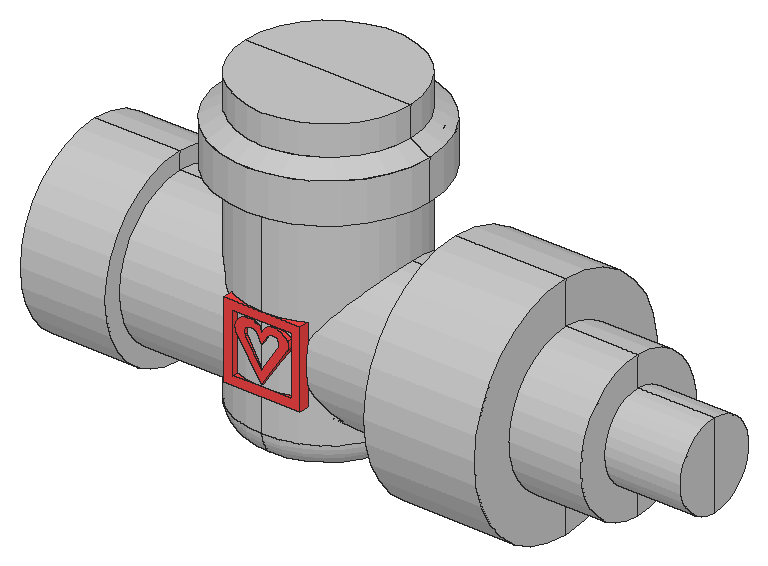
Revit family "RL-5 Rücklaufventil DG 3923", category Rohrzubehör, Revit 2021
Family settings
  Bemaßung runder Anschluss = Durchmesser verwenden
  Teiletyp = Unterbricht
  OmniClass-Nummer = 23.65.55.14
  OmniClass-Titel = Valves for Liquid Services
  Arbeitsebenenbasiert = Nein
  Immer vertikal = Nein
  Beim Laden mit Abzugskörper schneiden = Nein
  Gemeinsam genutzt = Nein
Parameters
  W02 [instance] = 70.00°  # constant formula
  W01 = 120.00°  # constant formula
  Vorgabe-Ansicht = 0.000 mm
  URL = "www.herz-armaturen.at"
  SCRNSEQ = "ARM;ARM_TYP=\"ALLF\";2"
  SCRNCODE = "05;01;02"  # constant formula
  S04 = 45.000 mm  # constant formula
  S03 = 61.000 mm  # constant formula
  S02 [instance] = L05 + L06 + L07  # 45.500 mm
  S01 = 10.000 mm  # constant formula
  R05 = 9.750 mm  # constant formula
  R04 = 12.000 mm  # constant formula
  R02 = 9.750 mm  # constant formula
  R01 = 11.000 mm  # constant formula
  Nennweite [instance] = 10.000 mm
  Medium = "Heizwasserqualität entsprechend ÖNORM H 5195 bzw. VDI-Richtllinie 2035."
  Max.Betriebstemperatur = 120 °C  # constant formula
  Max.Betriebsdruck = 1000000.0 Pa  # constant formula
  L07 [instance] = size_lookup("3923_5_", "L7", 1.000 mm, Nennweite)  # 17.500 mm
  L06 [instance] = size_lookup("3923_5_", "L6", 1.000 mm, Nennweite)  # 13.000 mm
  L05 [instance] = L02 - L04  # 15.000 mm
  L04 [instance] = size_lookup("3923_5_", "L4", 1.000 mm, Nennweite)  # 7.500 mm
  L03 [instance] = size_lookup("3923_5_", "L3", 1.000 mm, Nennweite)  # 10.000 mm
  L02 [instance] = size_lookup("3923_5_", "L2", 1.000 mm, Nennweite)  # 22.500 mm
  L01 [instance] = size_lookup("3923_5_", "L1", 1.000 mm, Nennweite)  # 27.500 mm
  Hersteller = "HERZ Armaturen Ges.m.b.H"  # constant formula
  H06 = 3.500 mm  # constant formula
  H05 = 9.500 mm  # constant formula
  H04 [instance] = H02 - H03  # 16.000 mm
  H03 = 5.000 mm  # constant formula
  H02 [instance] = 21.000 mm  # constant formula
  H01 [instance] = size_lookup("3923_5_", "H1", 1.000 mm, Nennweite)  # 14.000 mm
  Gehäuse = "vernickeltes Messing"  # constant formula
  GTI [instance] = size_lookup("3923_5_", "GT1", 1.000 mm, Nennweite)  # 9.000 mm
  GT [instance] = size_lookup("3923_5_", "GT", 1.000 mm, Nennweite)  # 9.500 mm
  G2 [instance] = Nennweite / 2  # 5.000 mm
  G1 [instance] = Nennweite / 2  # 5.000 mm
  D05 [instance] = size_lookup("3923_5_", "D5", 1.000 mm, Nennweite)  # 8.500 mm
  D04 [instance] = size_lookup("3923_5_", "D4", 1.000 mm, Nennweite)  # 13.500 mm
  D03 [instance] = size_lookup("3923_5_", "D3", 1.000 mm, Nennweite)  # 7.940 mm
  D02 [instance] = size_lookup("3923_5_", "D2", 1.000 mm, Nennweite)  # 9.000 mm
  D01 [instance] = size_lookup("3923_5_", "D1", 1.000 mm, Nennweite)  # 11.000 mm
  Bestellnummer [instance] = size_lookup("3923_5_", "Artnr", 0, Nennweite)  # 1392300
  Ausführungen = "Alle Modelle werden in vernickelter Ausführung geliefert und sind Universalmodelle mit Spezialmuffe für Gewinderohr\r\nund Klemmsetanschluß."
  Anwendungsgebiet = "Warmwasser-Heizungsanlagen\r\nDurch den Einbau des Rücklaufventils ist der Heizkörper-Rücklaufanschluß absperrbar.\r\nBei gleichzeitiger Absperrung des Vorlaufventils kann der Heizkörper bei unter Druck stehender Anlage demontiert werden.\r\nServicearbeiten oder Arbeiten an der Wand hinter dem Heizkörper (Tapezierung, Verfliesung) sind durchführbar, ohne die übrige Anlage stillsetzen zu müssen.\r\nMit dem HERZ-RL-5-Ventil kann die durch den Heizkörper strömende Wassermenge entsprechend der geforderten Leistung genau einreguliert werden.\r\nDies empfiehlt sich besonders beim Einbau von Thermostatventilen ohne Voreinstellung, weil durch die Begrenzung der Wassermenge voll wirksam wird und das hydraulische Gleichgewicht der Anlage erhalten bleibt.\r\nÜber das HERZ-RL-5-Ventil kann der Heizkörper oder die Anlage gefüllt oder entleert werden."
Reference planes
  plane 1 "Mitte (Vorne/hinten)": y = 0
  plane 2: z = 0
  plane 3 "Mitte (Links/rechts)": x = 0
Forms (mm)
  Revolve 1, solid, material "Messing, vernickelt", detail levels fine
    sketch origin (0, 0, 0) x (1, 0, 0) y (0, 0, 1)
      loop
        line (-18, 0) -> (22.5, 0) -> (22.5, 7.94) -> (15, 7.94) -> (15, 9) -> (-17.5, 9) -> (-17.5, 11) -> (-27.5, 11) -> (-27.5, 5) -> (-18, 5) -> (-18, 0)
      axis (-27.5, 0) -> (22.5, 0)
    angle from 0 to 360
  Revolve 2, solid, material "Messing, vernickelt", detail levels fine
    sketch origin (0, 0, 0) x (0, 1, 0) y (0, 0, 1)
      loop
        line (0, 21) -> (-11, 21) -> (-11, 16) -> (-9.75, 16) -> (-9.75, -8.456)
        arc (-9.75, -8.456) -> (-9.408, -9.847) -> (-8.46, -10.921) r 3
        line (-8.46, -10.921) -> (0, -14) -> (0, 21)
      axis (0, -14) -> (0, 21)
    angle from 0 to 360
  Revolve 3, solid, material "Messing, vernickelt", detail levels fine
    sketch origin (0, 0, 0) x (1, 0, 0) y (0, 0, 1)
      loop
        line (22.5, 0) -> (45.5, 0) -> (45.5, 5) -> (36.5, 5) -> (36.5, 8.5) -> (28, 8.5) -> (28, 13.5) -> (15, 13.5) -> (15, 7.94) -> (22.5, 7.94) -> (22.5, 0)
      axis (15, 0) -> (45.5, 0)
    angle from 0 to 360
  Revolve 4, solid, material "Messing, vernickelt", detail levels fine
    sketch origin (0, 0, 9) x (1, 0, 0) y (0, 0, 1)
      loop
        line (0, 7) -> (12, 7) -> (12, 11.701) -> (9.75, 13) -> (9.75, 16.5) -> (0, 16.5) -> (0, 7)
      axis (0, 16.5) -> (0, 7)
    angle from 0 to 360
Lines and regions (mm)
  model lines, detail levels coarse+medium
    curve 1: line (-27.5, 0, 11) -> (-27.5, 0, -11)
    curve 2: line (-27.5, 0, -11) -> (27.5, 0, 11)
    curve 3: line (27.5, 0, 11) -> (27.5, 0, -11)
    curve 4: line (27.5, 0, -11) -> (-27.5, 0, 11)
    curve 5: line (27.5, 0, 11) -> (37.5, 0, 11)
    curve 6: line (37.5, 0, 11) -> (27.5, 0, 0)
    curve 7: line (27.5, 0, -11) -> (37.5, 0, -11)
    curve 8: line (37.5, 0, -11) -> (27.5, 0, 0)
    curve 9: line (27.5, 0, 0) -> (45.5, 0, 0)
    curve 10: line (-27.5, 11, 0) -> (-27.5, -11, 0)
    curve 11: line (-27.5, -11, 0) -> (27.5, 11, 0)
    curve 12: line (27.5, 11, 0) -> (27.5, -11, 0)
    curve 13: line (27.5, -11, 0) -> (-27.5, 11, 0)
    curve 14: line (27.5, 11, 0) -> (37.5, 11, 0)
    curve 15: line (37.5, 11, 0) -> (27.5, 0, 0)
    curve 16: line (27.5, -11, 0) -> (37.5, -11, 0)
    curve 17: line (37.5, -11, 0) -> (27.5, 0, 0)
Dimensions and locks
  "L01": Revolve 1 sketch curve to plane 3 "Mitte (Links/rechts)"
  "L02": Revolve 1 sketch curve to plane 3 "Mitte (Links/rechts)"
  "G1": Revolve 1 sketch curve to plane 2
  "GT": Revolve 1 sketch curve to Revolve 1 sketch curve
  "D01": Revolve 1 sketch curve to Revolve 1 sketch curve
  "D02": Revolve 1 sketch curve to Revolve 1 sketch curve
  "D03": Revolve 1 sketch curve to Revolve 1 sketch curve
  "L03": Revolve 1 sketch curve to Revolve 1 sketch curve
  "L04": Revolve 1 sketch curve to Revolve 1 sketch curve
  "H02": Revolve 2 sketch curve to plane 2
  "R01": Revolve 2 sketch curve to plane 1 "Mitte (Vorne/hinten)"
  "D03": Revolve 3 sketch curve to plane 2
  "L04": Revolve 3 sketch curve to Revolve 3 sketch curve
  "L05": Revolve 3 sketch curve to plane 3 "Mitte (Links/rechts)"
  "L06": Revolve 3 sketch curve to Revolve 3 sketch curve
  "L07": Revolve 3 sketch curve to Revolve 3 sketch curve
  "D04": Revolve 3 sketch curve to Revolve 3 sketch curve
  "G2": Revolve 3 sketch curve to Revolve 3 sketch curve
  "D05": Revolve 3 sketch curve to Revolve 3 sketch curve
  "GTI": Revolve 3 sketch curve to Revolve 3 sketch curve
  "D01": curve 4 to plane 2 to curve 2
  "D01": curve 3 to plane 2 to curve 4
  "L01": curve 1 to plane 3 "Mitte (Links/rechts)" to curve 3
  "S01": curve 3 to curve 6
  "S02": curve 9 to plane 3 "Mitte (Links/rechts)"
  "L01": curve 10 to plane 3 "Mitte (Links/rechts)" to curve 12
  "D01": curve 11 to plane 1 "Mitte (Vorne/hinten)" to curve 13
  "D01": curve 13 to plane 1 "Mitte (Vorne/hinten)" to curve 12
  "S01": curve 12 to curve 15
  "S01": curve 12 to curve 17
  "H03": Revolve 2 sketch curve to Revolve 2 sketch curve
  "R02": Revolve 2 sketch curve to Revolve 2 sketch curve
  "H05": Revolve 4 sketch curve to Revolve 4 sketch curve
  "R05": Revolve 4 sketch curve to Revolve 4 sketch curve
  "R04": Revolve 4 sketch curve to Revolve 4 sketch curve
  "H06": Revolve 4 sketch curve to Revolve 4 sketch curve
  "H04": Revolve 4 sketch curve to plane 2
  "D02": nested 1 to plane 1 "Mitte (Vorne/hinten)"
  "H01": plane 2 to Revolve 2 sketch curve
  "W01": angle Revolve 4 sketch curve to Revolve 4 sketch curve
  "W02": angle Revolve 2 sketch curve to Revolve 2 sketch curve
  aligned and locked: level to plane 2
Automatic sketch dimensions
  curve 9 to level = 0.000 mm
  curve 3 to curve 8 = 10.000 mm
  plane 1 "Mitte (Vorne/hinten)" to curve 17 = 0.000 mm
  Revolve 1 sketch curve to level = 0.000 mm  (x2)
  Revolve 1 sketch curve to Revolve 1 sketch curve = 1436.530 mm
  Revolve 1 sketch curve to Revolve 1 sketch curve = 1779.148 mm
  Revolve 2 sketch curve to plane 1 "Mitte (Vorne/hinten)" = 0.000 mm  (x2)
  Revolve 2 sketch curve to Revolve 2 sketch curve = 1.290 mm
  Revolve 2 sketch curve to Revolve 2 sketch curve = 1.710 mm
  Revolve 2 sketch curve to Revolve 2 sketch curve = 98.333 mm
  Revolve 2 sketch curve to Revolve 2 sketch curve = 1236.335 mm
  Revolve 3 sketch curve to level = 0.000 mm  (x2)
  Revolve 3 sketch curve to plane 3 "Mitte (Links/rechts)" = 1506.530 mm
  Revolve 3 sketch curve to Revolve 3 sketch curve = 1789.648 mm
  Revolve 4 sketch curve to plane 3 "Mitte (Links/rechts)" = 0.000 mm  (x2)
  Revolve 4 sketch curve to level = 357.045 mm
  Revolve 4 sketch curve to Revolve 4 sketch curve = 2188.615 mm
Nested families
  nested 1: "Herz-Logo-vorne" at (0, -9, 0) x (0, 1, 0) z (0, 0, 1), type "Herz-Logo-vorne", detail levels fine
Connectors
  piping at (-18, 0, 0), diameter 10, driven by "Nennweite"
    settings: on Revolve 1, index 1, connector inside diameter 609.6 mm, connector length 0.000 mm, flow factor 0, pipe flow 0.0 L/s, pressure drop 0.0 Pa, fitting loss kfactor 0, connector angle 0.00°, fixture units 0, engagement length 0.000 mm, angle of deflection 0.00°, flow configuration 0, flow direction 1, fitting loss method 0, system type 8, joint type 0, gender type 0, connector reference index -1, connector utility 0, adjustable connector no, is connector primary yes, connector description ""
  piping at (45.5, 0, 0), diameter 10, driven by "Nennweite"
    settings: on Revolve 3, index 2, connector inside diameter 609.6 mm, connector length 0.000 mm, flow factor 0, pipe flow 0.0 L/s, pressure drop 0.0 Pa, fitting loss kfactor 0, connector angle 0.00°, fixture units 0, engagement length 0.000 mm, angle of deflection 0.00°, flow configuration 0, flow direction 2, fitting loss method 0, system type 8, joint type 0, gender type 0, connector reference index -1, connector utility 0, adjustable connector no, is connector primary no, connector description ""
Definition of nested family "Herz-Logo-vorne"
  Parameters (values of type "Herz-Logo-vorne")
    Default Elevation = 0.000 mm
  Reference planes
    plane 1 "Mitte (Vorne/hinten)": y = 0
    plane 2: z = 0
    plane 3 "Mitte (Links/rechts)": x = 0
  Forms (mm)
    Extrusion 1, solid
      sketch origin (0.732, -0.018, 0.017) x (0, -1, 0) y (0, 0, 1)
        loop
          line (-0.018, -4.517) -> (4.482, -4.517) -> (4.482, 4.483) -> (-4.518, 4.483) -> (-4.518, -4.517) -> (-0.018, -4.517)
        loop
          line (-0.05, -3.48) -> (3.482, -3.48) -> (3.482, 3.483) -> (-3.518, 3.483) -> (-3.518, -3.48) -> (-0.05, -3.48)
        loop
          arc (-0.018, 2.383) -> (-1.543, 3.287) -> (-3.067, 2.383) r 1.738
          arc (-3.067, 2.383) -> (-3.191, 1.899) -> (-3.067, 1.415) r 1.009
          line (-3.067, 1.415) -> (-0.018, -3.281) -> (3.032, 1.415)
          arc (3.032, 1.415) -> (3.156, 1.899) -> (3.032, 2.383) r 1.009
          arc (3.032, 2.383) -> (1.507, 3.287) -> (-0.018, 2.383) r 1.738
        loop
          arc (1.885, 1.272) -> (2.005, 1.675) -> (1.885, 2.079) r 0.74
          arc (1.885, 2.079) -> (1.265, 2.416) -> (0.644, 2.079) r 0.74
          line (0.644, 2.079) -> (-0.018, 0.97) -> (-0.679, 2.079)
          arc (-0.679, 2.079) -> (-1.3, 2.416) -> (-1.921, 2.079) r 0.74
          arc (-1.921, 2.079) -> (-2.04, 1.675) -> (-1.921, 1.272) r 0.74
          line (-1.921, 1.272) -> (-0.018, -1.658) -> (1.885, 1.272)
      from 0 to 1.5
  Dimensions and locks
    aligned and locked: level to plane 2
